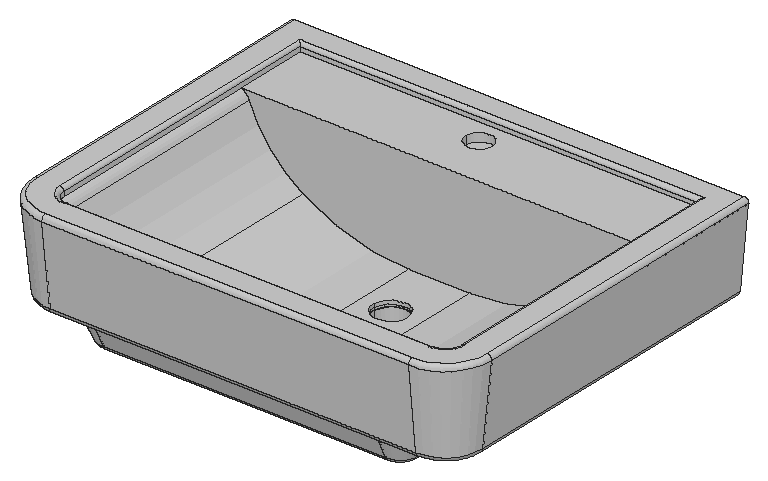
Revit family "NLRS_74_PF_UN_wastafel_S8310300000_SPHINX_BCB", category Plumbing Fixtures, Revit 2016
Family settings
  Part Type = Normal
  Round Connector Dimension = Use Radius
  OmniClass Number = 23.45.00.00
  OmniClass Title = Sanitary, Laundry, and Cleaning Equipment
  Work Plane-Based = No
  Always vertical = Yes
  Cut with Voids When Loaded = No
  Shared = No
  Room Calculation Point = No
Parameters
  NLRS_C_type = "Wastafel met kraangat en overloop"
  NLRS_C_serie = "320"
  NLRS_C_revit_versie = "2016"
  NLRS_C_content_versie = "2.0"
  NLRS_C_content_provider = "BouwConnect"
  NLRS_C_content_datum_uitgifte = "APR-2018"
  NLRS_C_content_datum_gewijzigd = "APR-2018"
  NLRS_C_content_creator = "BouwConnect"
  NLRS_C_URL_product_data = "http://www.sphinx.nl/producten/wastafels-%7C-fonteinen/wastafels/sphinx-320-%7C-wastafel-60-cm/28685/"
  afvoer_radius = 22.5 mm
  WFU = 0
  URL = "http://www.sphinx.nl/"
  Type Comments = ""
  NLRS_S_gewicht = 19.00 kg
  NLRS_C_materiaal = none
  NLRS_C_lengte = 480 mm
  NLRS_C_hoogte = 195 mm
  NLRS_C_diameter_uit = 45 mm
  NLRS_C_diameter_in = 35 mm
  NLRS_C_breedte = 600 mm
  Model = ""
  Manufacturer = "Sphinx"
  Keynote = ""
  IfcTypeProduct = "IfcSanitaryTerminalType"
  IfcExportType = "SINK"
  IfcExportAs = "IfcSanitaryTerminalTypeEnum"
  IfcElement = "IfcFlowTerminal"
  NLRS_C_code_EAN = "8711754407671"
  Description = "wastafel"
  NLRS_C_URL_BCB = "http://bcb-online.nl/?zoekterm=Sphinx+++%5bGeberit+B.V.%5d"
  Assembly Code = "47.11"
Reference planes
  plane 1 "Center (Front/Back)": y = 0
  plane 2: z = 0
  plane 3 "Center (Left/Right)": x = 0
Forms (mm)
  Sweep 1, solid, material "bcb_porselein", detail levels medium+fine
    path origin (0, 0, 0) x (1, 0, 0) y (0, 1, 0)
      loop
        line (-299.965, 0) -> (-299.965, -420)
        arc (-299.965, -420) -> (-282.392, -462.426) -> (-239.965, -480) r 60
        line (-239.965, -480) -> (240.035, -480)
        arc (240.035, -480) -> (282.461, -462.426) -> (300.035, -420) r 60
        line (300.035, -420) -> (300.035, 0)
    profile origin (-299.965, -210, 0) x (1, 0, 0) y (0, 0, 1)
      loop
        arc (6.022, 0) -> (1.76, -1.777) -> (0.023, -6.056) r 6
        arc (0.023, -6.056) -> (3.224, -60.155) -> (11.789, -113.667) r 544.353
        arc (11.789, -113.667) -> (14.579, -118.226) -> (19.616, -120.011) r 8
        line (19.616, -120.011) -> (40.016, -120.011) -> (40.016, -10) -> (30.016, -10) -> (30.016, 0) -> (6.022, 0)
  Extrusion 2, solid, material "bcb_porselein", detail levels medium+fine
    sketch origin (0, 0, 0) x (1, 0, 0) y (0, 1, 0)
      loop
        line (-259.949, -130) -> (260.019, -130) -> (260.019, 0) -> (-259.949, 0) -> (-259.949, -130)
    from -120.011 to -10
  Extrusion 3, void, detail levels medium+fine
    sketch origin (0, -50, 0) x (1, 0, 0) y (0, 1, 0)
      loop
        circle (0, -160) r 22.5
    from -210.292 to -76.605
  Revolve 4, solid, material "bcb_porselein", detail levels medium+fine
    sketch origin (0, -210, -24.836) x (1, 0, 0) y (0, 0, 1)
      loop
        line (-18.358, -165.164) -> (-18.358, -128.644) -> (-78.313, -128.644) -> (-43.03, -132.245)
        arc (-43.03, -132.245) -> (-37.594, -135.135) -> (-35.288, -140.843) r 9
        line (-35.288, -140.843) -> (-34.507, -163.215)
        arc (-34.507, -163.215) -> (-33.891, -164.597) -> (-32.488, -165.164) r 2.02
        line (-32.488, -165.164) -> (-18.358, -165.164)
      axis (0, -128.644) -> (0, -165.164)
    angle from 0 to 360
  Extrusion 5, solid, material "bcb_porselein", detail levels medium+fine
    sketch origin (1000, 0, 0) x (1, 0, 0) y (0, 0, 1)
      loop
        arc (-1039.66, -145.359) -> (-1112.195, -135.252) -> (-1179.205, -105.702) r 265.344
        arc (-1179.205, -105.702) -> (-1221.149, -69.174) -> (-1249.215, -21.154) r 171.682
        arc (-1249.215, -21.154) -> (-1253.451, -14.489) -> (-1259.949, -10) r 19.874
        line (-1259.949, -10) -> (-1262.114, -15.056)
        arc (-1262.114, -15.056) -> (-1257.414, -18.303) -> (-1254.35, -23.123) r 14.374
        arc (-1254.35, -23.123) -> (-1225.385, -72.682) -> (-1182.097, -110.38) r 177.182
        arc (-1182.097, -110.38) -> (-1113.698, -140.543) -> (-1039.66, -150.859) r 270.844
        line (-1039.66, -150.859) -> (-960.34, -150.859)
        arc (-960.34, -150.859) -> (-886.302, -140.543) -> (-817.903, -110.38) r 270.844
        arc (-817.903, -110.38) -> (-774.615, -72.682) -> (-745.65, -23.123) r 177.182
        arc (-745.65, -23.123) -> (-742.586, -18.303) -> (-737.886, -15.056) r 14.374
        line (-737.886, -15.056) -> (-740.051, -10)
        arc (-740.051, -10) -> (-746.549, -14.489) -> (-750.785, -21.154) r 19.874
        arc (-750.785, -21.154) -> (-778.851, -69.174) -> (-820.795, -105.702) r 171.682
        arc (-820.795, -105.702) -> (-887.805, -135.252) -> (-960.34, -145.359) r 265.344
        line (-960.34, -145.359) -> (-1039.66, -145.359)
    from 130 to 439.984
  Sweep 6, solid, material "bcb_porselein", detail levels medium+fine
    path origin (0, 0, 0) x (1, 0, 0) y (0, 1, 0)
      loop
        arc (-269.949, -420) -> (-261.167, -441.202) -> (-239.965, -449.984) r 29.984
        line (-239.965, -449.984) -> (240.035, -449.984)
        arc (240.035, -449.984) -> (261.236, -441.202) -> (270.019, -420) r 29.984
        line (270.019, -420) -> (270.019, -23) -> (-269.949, -23) -> (-269.949, -420)
    profile origin (-269.949, -221.5, 0) x (-1, 0, 0) y (0, 0, 1)
      loop
        line (0, 0) -> (-5, 0)
        arc (-5, 0) -> (-8.536, -1.464) -> (-10, -5) r 5
        line (-10, -5) -> (-10, -10) -> (0, -10) -> (0, 0)
  Extrusion 7, solid, material "bcb_porselein", detail levels medium+fine
    sketch origin (-1000, 0, 0) x (1, 0, 0) y (0, 1, 0)
      loop
        line (1270.019, -23) -> (1270.019, 0) -> (730.051, 0) -> (730.051, -23) -> (1270.019, -23)
    from -10 to 0
  Extrusion 8, void, detail levels medium+fine
    sketch origin (-1000, -10, 0) x (1, 0, 0) y (0, 1, 0)
      loop
        circle (1000, -55.012) r 17.478
    from -20 to 10
  Extrusion 9, solid, material "bcb_porselein", detail levels medium+fine
    sketch origin (-2000, 0, 0) x (1, 0, 0) y (0, 0, 1)
      loop
        arc (1774.847, -158.842) -> (1777.583, -163.581) -> (1782.725, -165.453) r 8
        line (1782.725, -165.453) -> (1808.288, -165.453)
        arc (1808.288, -165.453) -> (1812.533, -165.156) -> (1816.696, -164.271) r 30.505
        line (1816.696, -164.271) -> (1823.33, -162.369)
        arc (1823.33, -162.369) -> (1830.08, -160.934) -> (1836.964, -160.453) r 49.462
        line (1836.964, -160.453) -> (1864.284, -160.453)
        arc (1864.284, -160.453) -> (2000.035, -153.636) -> (2135.785, -160.453) r 1355
        line (2135.785, -160.453) -> (2163.106, -160.453)
        arc (2163.106, -160.453) -> (2169.99, -160.934) -> (2176.739, -162.369) r 49.462
        line (2176.739, -162.369) -> (2183.373, -164.271)
        arc (2183.373, -164.271) -> (2187.536, -165.156) -> (2191.782, -165.453) r 30.505
        line (2191.782, -165.453) -> (2217.344, -165.453)
        arc (2217.344, -165.453) -> (2222.486, -163.581) -> (2225.222, -158.842) r 8
        line (2225.222, -158.842) -> (2232.069, -120.011) -> (1768, -120.011) -> (1774.847, -158.842)
    from 0 to 20
  Sweep 10, solid, material "bcb_porselein", detail levels medium+fine
    path origin (0, 1.016, 0) x (1, 0, 0) y (0, 1, 0)
      loop
        line (219.519, -21.016) -> (219.519, -426)
        arc (219.519, -426) -> (209.267, -450.749) -> (184.519, -461) r 35
        line (184.519, -461) -> (-184.449, -461)
        arc (-184.449, -461) -> (-209.198, -450.749) -> (-219.449, -426) r 35
        line (-219.449, -426) -> (-219.449, -21.016)
    profile origin (-219.449, -222.492, 0) x (-1, 0, 0) y (0, 0, 1)
      loop
        line (1.537, -120.011) -> (-20, -120.011) -> (-20, -152.346) -> (-18.637, -152.346)
        arc (-18.637, -152.346) -> (-14.339, -151.093) -> (-11.387, -147.727) r 8
        line (-11.387, -147.727) -> (1.537, -120.011)
  Extrusion 11, solid, material "bcb_porselein", detail levels medium+fine
    sketch origin (5, 0, 0) x (1, 0, 0) y (0, 1, 0)
      loop
        arc (179.519, -439.984) -> (190.125, -435.59) -> (194.519, -424.984) r 15
        line (194.519, -424.984) -> (194.519, -20) -> (-204.449, -20) -> (-204.449, -424.984)
        arc (-204.449, -424.984) -> (-200.056, -435.59) -> (-189.449, -439.984) r 15
        line (-189.449, -439.984) -> (179.519, -439.984)
    from -152.346 to -150
  Extrusion 12, solid, material "bcb_porselein", detail levels medium+fine
    sketch origin (0, 0, 0) x (1, 0, 0) y (0, 1, 0)
      loop
        arc (-259.949, -419.984) -> (-254.091, -434.126) -> (-239.949, -439.984) r 20
        line (-239.949, -439.984) -> (-164.949, -439.984) -> (-164.949, -97.023) -> (-259.949, -97.023) -> (-259.949, -419.984)
    from -120.011 to -118
  Extrusion 13, solid, material "bcb_porselein", detail levels medium+fine
    sketch origin (0.069, 0, 0) x (-1, 0, 0) y (0, -1, 0)
      loop
        line (-259.949, 419.984) -> (-259.949, 97.023) -> (-164.949, 97.023) -> (-164.949, 439.984) -> (-239.949, 439.984)
        arc (-239.949, 439.984) -> (-254.091, 434.126) -> (-259.949, 419.984) r 20
    from -120.011 to -118
  Extrusion 14, solid, not visible, detail levels medium+fine
    sketch origin (-22.5, -50, 0) x (1, 0, 0) y (0, 1, 0)
      loop
        circle (22.5, -160) r 22.5
    from -190 to -188
  Extrusion 15, solid, material "bcb_porselein", detail levels medium+fine
    sketch origin (0, 0, 0) x (1, 0, 0) y (0, 1, 0)
      loop
        line (199.519, -20) -> (-199.449, -20) -> (-199.449, -130) -> (199.519, -130) -> (199.519, -20)
    from -145.359 to -90
  Extrusion 16, solid, material "bcb_porselein", detail levels coarse
    sketch origin (0, 0, 0) x (1, 0, 0) y (0, 1, 0)
      loop
        line (-299.943, 0) -> (-299.943, -420)
        arc (-299.943, -420) -> (-282.369, -462.426) -> (-239.943, -480) r 60
        line (-239.943, -480) -> (240.012, -480)
        arc (240.012, -480) -> (282.438, -462.426) -> (300.012, -420) r 60
        line (300.012, -420) -> (300.012, 0) -> (-299.943, 0)
    from -120.011 to 0
  Extrusion 17, void, detail levels coarse
    sketch origin (0, 0, 0) x (1, 0, 0) y (0, 1, 0)
      loop
        line (-259.949, -130) -> (-259.949, -419.984)
        arc (-259.949, -419.984) -> (-254.091, -434.126) -> (-239.949, -439.984) r 20
        line (-239.949, -439.984) -> (239.949, -439.984)
        arc (239.949, -439.984) -> (254.091, -434.126) -> (259.949, -419.984) r 20
        line (259.949, -419.984) -> (259.949, -130) -> (-259.949, -130)
    from -100 to 20
Cuts and joins
  Extrusion 3 cuts Sweep 1
  Extrusion 3, Extrusion 8 cuts Extrusion 2
  Extrusion 3 cuts Extrusion 7
  Extrusion 3 cuts Extrusion 9
  Extrusion 3 cuts Extrusion 12
  Extrusion 3 cuts Extrusion 13
  joined: Sweep 1, Extrusion 2, Sweep 6, Extrusion 7, Extrusion 9, Extrusion 12, Extrusion 13, Extrusion 15
  Extrusion 3 cuts Revolve 4
  Extrusion 3 cuts Extrusion 5
  Extrusion 3 cuts Sweep 10
  Extrusion 3 cuts Extrusion 11
  joined: Sweep 10, Extrusion 11
  Extrusion 17 cuts Extrusion 16
Dimensions and locks
  aligned and locked: level to plane 2
Connectors
  piping at (0, -210, -190), diameter 45, driven by "WFU", driven by "afvoer_radius"
    settings: on Extrusion 14, index 1, connector inside diameter 45 mm, connector length 0 mm, flow factor 0, pipe flow 0.0 L/s, pressure drop 0.0 Pa, fitting loss kfactor 0, connector angle 0.00°, fixture units 0, engagement length 0 mm, angle of deflection 0.00°, flow configuration 3, flow direction 2, fitting loss method 0, system type 16, joint type 0, gender type 0, connector reference index -1, connector utility 0, adjustable connector no, is connector primary yes, connector description "out"
